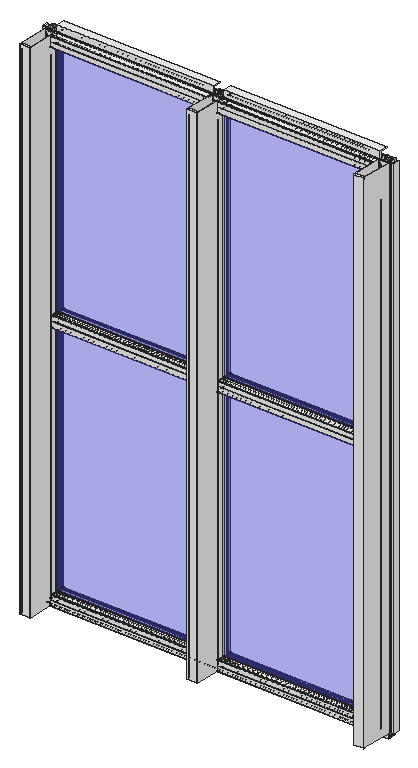
Revit family "Facade_60_Curtain_Wall_S22_Custom", category Windows, host Wall, Revit 2014
Parameters (values of type "F60-S22-Custom")
  Windload Design [instance] = if(Custom Windload < 1001 mm, 1000 mm, if(Custom Windload < 1501 mm, 1500 mm, 2000 mm))  # 1000 mm
  Width [instance] = if(Custom Curtain Wall Width < Limit Door Width Min, Limit Door Width Min, if(Custom Curtain Wall Width > Limit Door Width Max, Limit Door Width Max, Custom Curtain Wall Width))  # 2000 mm
  Wall Thickness [instance] = 200 mm
  Vertical Profile Length [instance] = Height - Frame Bottom Gap  # 2970 mm
  URL = "http://www.crealco.co.za/crealco-products.php"
  Type Comments = ""
  Top Profile Overhang = 5.9 mm  # constant formula
  Thermal Resistance (R) [instance] = if(IGDB or SAGDB Number = 100100, 1.0000 (m²·K)/W / Intruderprufe U Value, if(IGDB or SAGDB Number = 100100, 1.0000 (m²·K)/W / Intruderprufe U Value, if(IGDB or SAGDB Number = 105003, 1.0000 (m²·K)/W / Intruderprufe Insulated U Value, if(IGDB or SAGDB Number = 105004, 1.0000 (m²·K)/W / Intruderprufe Insulated LowE U Value, 1.0000 (m²·K)/W / 7.9)))) * 1  # 0.126582 (m²·K)/W
  Thermal Break Material = Plastic, Opaque Black
  Solar Heat Gain Coefficient [instance] = if(IGDB or SAGDB Number = 100100, Intruderprufe SHGC Value, if(IGDB or SAGDB Number = 103200, Intruderprufe LowE SHGC Value, if(IGDB or SAGDB Number = 105003, Intruderprufe Insulated SHGC Value, if(IGDB or SAGDB Number = 105004, Intruderprufe Insulated LowE SHGC Value, 0))))  # 0
  Single Glazing [instance] = if(DG Forced, 1 = 0, not(Double Glazing))  # no
  Sill Height = 85 mm  # constant formula
  SG Forced [instance] = not(DG Forced)  # no
  Quarter Expansion Break = no
  Overall Width [instance] = 2000 mm
  Overall Height [instance] = 3000 mm
  Mullion Side Gap [instance] = (Width / 2) - 30 mm  # 970 mm
  Mullion Configuration [instance] = if(Windload Design = 1000 mm, if(not(Height > 2490 mm), 1 mm, if(and(not(Height > 4990 mm), not(Width > 1790 mm)), 2 mm, 3 mm)), if(Windload Design = 1500 mm, if(Height > 2490 mm, 3 mm, if(Width > 2990 mm, 2 mm, 1 mm)), if(Height > 2490 mm, 3 mm, if(Width > 1790 mm, 2 mm, 1 mm))))  # 3 mm
  Model = "Facade 60"
  Mid Transom Bottom Gap [instance] = (Height - Frame Bottom Gap) / 2  # 1485 mm
  Max System DG Unit Thickness = 25 mm  # constant formula
  Max System DG One Piece Thickness [instance] = rounddown((Max System DG Unit Thickness - DG Gasket Thickness) / 2 mm) * 1 mm  # 6 mm
  Max Pane Area [instance] = Glazing Width * Glazing Height  # 1.3642 m²
  Manufacturer = "Crealco"
  Limit Door Width Min = (2 * Limit Panel Width Min) + (2 * Glazing Side Gap) + 19.6 mm  # 699.2 mm
  Limit Door Width Max = (2 * Limit Panel Width Max) + (2 * Glazing Side Gap) + 19.6 mm  # 6099.2 mm
  Limit Door Height Min = (2 * Limit Panel Height Min) + 69.8 mm + (1 mm * 19.6) + 39.8 mm  # 729.2 mm
  Limit Door Height Max = (2 * Limit Panel Height Max) + 69.8 mm + (1 mm * 19.6) + 39.8 mm  # 12129.2 mm
  Limit Panel Width Min = 300 mm  # constant formula
  Limit Panel Width Max = 3000 mm  # constant formula
  Limit Panel Height Min = 300 mm  # constant formula
  Limit Panel Height Max = 6000 mm  # constant formula
  Sill Length [instance] = Width  # 2000 mm
  Length Sill [instance] = Width  # 2000 mm
  Keynote = ""
  Jamb Width = 60 mm  # constant formula
  Intruderprufe U Value = 0
  Intruderprufe SHGC Value = 0
  Intruderprufe LowE U Value = 0
  Intruderprufe LowE SHGC Value = 0
  Intruderprufe Insulated U Value = 0
  Intruderprufe Insulated SHGC Value = 0
  Intruderprufe Insulated LowE U Value = 0
  Intruderprufe Insulated LowE SHGC Value = 0
  Horizontal Profile Length [instance] = (Width - (2 * Jamb Width) - 60 mm) / 2  # 910 mm
  Half Expansion Break = no
  Glazing Width [instance] = Horizontal Profile Length + (2 mm * 20.2)  # 950.4 mm
  Glazing Top Gap = 39.8 mm  # constant formula
  Glazing Side Gap = 39.8 mm  # constant formula
  Glazing Height [instance] = (Height - Glazing Top Gap - Glazing Bottom Gap - (60 mm - 20.2 mm - 20.2 mm)) / 2  # 1435.4 mm
  Glazing Gap SG [instance] = (14 mm - SG Thickness) / 2  # 5 mm
  Glazing Gap DG [instance] = (28 mm - (DG Thickness + DG Thickness + DG Gasket Thickness)) / 2  # 4 mm
  Glazing Bottom Gap = 69.8 mm  # constant formula
  Frame Thickness = 101.8 mm  # constant formula
  Frame Bottom Gap = 30 mm  # constant formula
  Door Leaf Height [instance] = 2050 mm
  Double Glazing [instance] = yes
  DG Thickness Calc [instance] = if(not(Max Pane Area > 1.125 m²), 4 mm, if(not(Max Pane Area > 2.25 m²), 4 mm, if(not(Max Pane Area > 3.15 m²), 5 mm, if(not(Max Pane Area > 4.35 m²), 6 mm, if(not(Max Pane Area > 6.45 m²), 8 mm, 10 mm)))))  # 4 mm
  DG Thickness [instance] = if(IGDB or SAGDB Number = 105003, 6 mm, if(IGDB or SAGDB Number = 105004, 7 mm, if(DG Thickness Calc > Max System DG One Piece Thickness, Max System DG One Piece Thickness, DG Thickness Calc)))  # 4 mm
  DG Gasket Thickness = 12 mm  # constant formula
  DG Gasket Finish [instance] = Double Glazing Gasket Material
  DG Forced [instance] = if(IGDB or SAGDB Number = 100100, 1 = 0, if(IGDB or SAGDB Number = 103200, 1 = 0, if(IGDB or SAGDB Number = 105003, 1 = 1, if(IGDB or SAGDB Number = 105004, 1 = 1, Double Glazing))))  # yes
  IGDB or SAGDB Number [instance] = 0
  Height [instance] = if(Custom Curtain Wall Height < Limit Door Height Min, Limit Door Height Min, if(Custom Curtain Wall Height > Limit Door Height Max, Limit Door Height Max, Custom Curtain Wall Height))  # 3000 mm
  Heat Transfer Coefficient (U) [instance] = if(IGDB or SAGDB Number = 100100, Intruderprufe U Value, if(IGDB or SAGDB Number = 103200, Intruderprufe LowE U Value, if(IGDB or SAGDB Number = 105003, Intruderprufe Insulated U Value, if(IGDB or SAGDB Number = 105004, Intruderprufe Insulated LowE U Value, 7.9)))) * 1.0000 W/(m²·K)  # 7.9000 W/(m²·K)
  SG Thickness [instance] = if(IGDB or SAGDB Number = 100100, 6 mm, if(IGDB or SAGDB Number = 103200, 7 mm, if(not(Max Pane Area > 0.75 m²), 4 mm, if(not(Max Pane Area > 1.50 m²), 4 mm, if(not(Max Pane Area > 2.10 m²), 5 mm, if(not(Max Pane Area > 2.90 m²), 6.4 mm, if(not(Max Pane Area > 4.30 m²), 8 mm, 10 mm)))))))  # 4 mm
  Glazing Material [instance] = if(IGDB or SAGDB Number = 100100, "PFG INTRUDERPRUFE 6.38mm", if(IGDB or SAGDB Number = 103200, "PFG INTRUDERPRUFE LOW-E 7.38mm", if(IGDB or SAGDB Number = 105003, "PFG 25mm INTRUDERPRUFE INSULATED GLASS", if(IGDB or SAGDB Number = 105004, "PFG 25mm INTRUDERPRUFE INSULATED GLASS LOW-E", "Unknown"))))  # "Unknown"
  Glazing Finish [instance] = Glass
  Glazing Code [instance] = if(IGDB or SAGDB Number = 100100, "LAM01", if(IGDB or SAGDB Number = 103200, "LAM01E", if(IGDB or SAGDB Number = 105003, "IGU25", if(IGDB or SAGDB Number = 105004, "IGU25E", "Unknown"))))  # "Unknown"
  Frame Offset From Exterior [instance] = if(Centered In Wall, (Wall Thickness - Frame Thickness) / 2, Custom Offset From Exterior) + 5.9 mm  # 55 mm
  Description = "Curtain Wall, S22"
  Default Sill Height = 0 mm
  Wall Closure = By host
  Custom Curtain Wall Width [instance] = 2000 mm
  Custom Curtain Wall Height [instance] = 3000 mm
  Custom Windload [instance] = 1000 mm
  Custom Offset From Exterior [instance] = 0 mm
  Centered In Wall [instance] = yes
  Aluminium Finish [instance] = White Powder Coated Aluminium ANP 1052
  All Available Glazing Numbers [instance] = "The rows below list the available glazing materials for this window:"  # constant formula
  190mm Mullion [instance] = if(Mullion Configuration = 3 mm, 1 = 1, 1 = 0)  # yes
  160mm Mullion [instance] = if(Mullion Configuration = 2 mm, 1 = 1, 1 = 0)  # no
  105004 [instance] = "IGU25E"  # constant formula
  105003 [instance] = "IGU25"  # constant formula
  103200 [instance] = "LAM01E"  # constant formula
  100mm Mullion [instance] = if(or(Mullion Configuration = 2 mm, Mullion Configuration = 3 mm), 1 = 0, 1 = 1)  # no
  100100 [instance] = "LAM01"  # constant formula
Reference planes
  plane 1 "Center (Front/Back)": y = 0
  plane 2 "Center (Left/Right)": x = 0
  plane 3 "Left": x = -1000
  plane 4 "Right": x = 1000
  plane 5 "Sill": z = 0
  plane 6 "Head": z = 3000
  plane 7 "Exterior": y = 100
  plane 8 "Interior": y = -100
Lines and regions (mm)
  Opening 1
    outline origin (3507.082, -100, 0) x (1, 0, 0) y (0, 0, 1)
      loop
        line (-2507.082, 0) -> (-2507.082, 3000) -> (-4507.082, 3000) -> (-4507.082, 0) -> (-2507.082, 0)
Text (mm)
  text "EXTERIOR" at (-1963.203, 1332.353, 0), in view "Ref. Level"
  text "INTERIOR" at (-1981.466, -818.386, 0), in view "Ref. Level"
  text "Exterior" at (0, 923.751, 2943.296), in view "Right"
  text "Exterior" at (0, 1040.484, 2685.409), in view "Left"
Dimensions and locks
  equal spacing: plane 3 "Left", plane 2 "Center (Left/Right)", plane 4 "Right"
  "Width": plane 3 "Left" to plane 4 "Right"
  "Height": plane 5 "Sill" to plane 6 "Head"
  "Default Sill Height": plane 5 "Sill" to level
  locked: plane 7 "Exterior" to host wall at 0
  locked: plane 8 "Interior" to host wall
  "Overall Height": plane 6 "Head" to plane 5 "Sill"
  "Overall Width": plane 3 "Left" to plane 4 "Right"
  "Wall Thickness": host wall to host wall
  "Jamb Width": nested 3 to plane 4 "Right"
  "Jamb Width": nested 5 to plane 4 "Right"
  "Frame Bottom Gap": nested 5 to level
  "Frame Offset From Exterior": nested 1 to plane 7 "Exterior"
  "Glazing Side Gap": nested 6 to plane 4 "Right"
  "Glazing Top Gap": nested 6 to plane 6 "Head"
  "Glazing Gap SG": nested 6 to nested 1
  "Glazing Side Gap": nested 7 to plane 4 "Right"
  "Glazing Top Gap": nested 7 to plane 6 "Head"
  "Glazing Gap DG": nested 7 to nested 1
  "Mullion Side Gap": nested 8 to plane 4 "Right"
  "Frame Bottom Gap": nested 8 to level
  "Jamb Width": plane 3 "Left" to nested 10
  "Jamb Width": plane 3 "Left" to nested 9
  "Glazing Side Gap": plane 3 "Left" to nested 11
  "Glazing Side Gap": plane 3 "Left" to nested 12
  "Glazing Gap SG": nested 2 to nested 12
  "Glazing Gap DG": nested 2 to nested 11
  "Glazing Bottom Gap": nested 11 to level
  "Glazing Bottom Gap": nested 12 to level
  "Frame Bottom Gap": nested 9 to level
  "Mid Transom Bottom Gap": nested 13 to level
  "Mid Transom Bottom Gap": nested 14 to level
  "Jamb Width": plane 3 "Left" to nested 13
  "Jamb Width": nested 14 to plane 4 "Right"
  "Glazing Bottom Gap": nested 15 to level
  "Glazing Bottom Gap": nested 16 to level
  "Glazing Top Gap": nested 17 to plane 6 "Head"
  "Glazing Top Gap": nested 18 to plane 6 "Head"
  "Glazing Side Gap": plane 3 "Left" to nested 18
  "Glazing Side Gap": plane 3 "Left" to nested 17
  "Glazing Side Gap": nested 15 to plane 4 "Right"
  "Glazing Side Gap": nested 16 to plane 4 "Right"
  "Glazing Gap SG": nested 16 to nested 1
  "Glazing Gap DG": nested 15 to nested 1
  "Glazing Gap SG": nested 2 to nested 18
  "Glazing Gap DG": nested 2 to nested 17
  aligned and locked: plane 4 "Right" to nested 1
  aligned and locked: nested 1 to plane 6 "Head"
  aligned and locked: plane 3 "Left" to nested 2
  aligned and locked: plane 6 "Head" to nested 2
  aligned and locked: nested 3 to plane 6 "Head"
  aligned and locked: nested 4 to level
  aligned and locked: plane 4 "Right" to nested 4
  aligned and locked: nested 1 to nested 2
  aligned and locked: nested 5 to nested 4
  aligned and locked: nested 8 to nested 2
  aligned and locked: nested 10 to plane 6 "Head"
  aligned and locked: nested 5 to nested 10
  aligned and locked: nested 5 to nested 9
  aligned and locked: nested 10 to nested 3
  aligned and locked: nested 10 to nested 2
  aligned and locked: nested 13 to nested 10
  aligned and locked: nested 14 to nested 3
Automatic sketch dimensions
  plane 3 "Left" to Opening 1 sketch curve = 0 mm
  plane 4 "Right" to Opening 1 sketch curve = 0 mm
  Opening 1 sketch curve to plane 5 "Sill" = 0 mm
  Opening 1 sketch curve to plane 6 "Head" = 0 mm
Nested families
  nested 1: "F60 Vertical Profile Side_S22_Cust" at (1000, -1.058, 30) x (-1, 0, 0) z (0, 0, 1), Thermal Break Material <- "Thermal Break Material", Profile Material <- "Aluminium Finish", Length <- "Vertical Profile Length", Single Glazing <- "SG Forced", Double Glazing <- "DG Forced", 100mm Mullion <- "100mm Mullion", 160mm Mullion <- "160mm Mullion", 190mm Mullion <- "190mm Mullion", Quarter Expansion Break <- "Quarter Expansion Break", Half Expansion Break <- "Half Expansion Break", type "F60 Vertical Profile Side_S22_Cust"
    with Thermal Break Material Plastic, Opaque Black, Single Glazing no, Quarter SG Expansion Break no, Quarter Length 742.5 mm, Quarter Expansion Break no, Quarter DG Expansion Break no, Quarter 190mm Expansion Break no, Quarter 160mm Expansion Break no, Quarter 100mm Expansion Break no, Profile Material White Powder Coated Aluminium ANP 1052, Length 2970 mm, Half SG Expansion Break no, Half Length 1485 mm, Half Expansion Break no, Half DG Expansion Break no, Half 190mm Expansion Joint no, Half 160mm Expansion Break no, Half 100mm Expansion Break no, Double Glazing yes, 190mm Mullion yes, 160mm Mullion no, 100mm Mullion no
  nested 2: "F60 Vertical Profile Side_S22_Cust" at (-1000, -1.058, 30), Thermal Break Material <- "Thermal Break Material", Profile Material <- "Aluminium Finish", Length <- "Vertical Profile Length", Single Glazing <- "SG Forced", Double Glazing <- "DG Forced", 100mm Mullion <- "100mm Mullion", 160mm Mullion <- "160mm Mullion", 190mm Mullion <- "190mm Mullion", Quarter Expansion Break <- "Quarter Expansion Break", Half Expansion Break <- "Half Expansion Break", type "F60 Vertical Profile Side_S22_Cust"
    with Thermal Break Material Plastic, Opaque Black, Single Glazing no, Quarter SG Expansion Break no, Quarter Length 742.5 mm, Quarter Expansion Break no, Quarter DG Expansion Break no, Quarter 190mm Expansion Break no, Quarter 160mm Expansion Break no, Quarter 100mm Expansion Break no, Profile Material White Powder Coated Aluminium ANP 1052, Length 2970 mm, Half SG Expansion Break no, Half Length 1485 mm, Half Expansion Break no, Half DG Expansion Break no, Half 190mm Expansion Joint no, Half 160mm Expansion Break no, Half 100mm Expansion Break no, Double Glazing yes, 190mm Mullion yes, 160mm Mullion no, 100mm Mullion no
  nested 3: "F60 Horizontal Profile Top_S22_Cust" at (940, -50.858, 2940) x (-1, 0, 0) z (0, 0, 1), Thermal Break Material <- "Thermal Break Material", Profile Material <- "Aluminium Finish", Length <- "Horizontal Profile Length", Single Glazing <- "SG Forced", Double Glazing <- "DG Forced", type "F60 Horizontal Profile Top_S22_Cust"
    with Thermal Break Material Plastic, Opaque Black, Single Glazing no, Profile Material White Powder Coated Aluminium ANP 1052, Length 910 mm, Double Glazing yes
  nested 4: "F60 Sill_S22_Cust" at (1000, -13.486, -1.88) x (-1, 0, 0) z (0, 0, 1), Profile Material <- "Aluminium Finish", Length Sill <- "Length Sill", type "F60 Sill_S22_Cust"
    with Profile Material White Powder Coated Aluminium ANP 1052, Length Sill 2000 mm
  nested 5: "F60 Horizontal Profile Bottom_S22_Cust" at (940, -50.858, 30) x (-1, 0, 0) z (0, 0, 1), Thermal Break Material <- "Thermal Break Material", Profile Material <- "Aluminium Finish", Length <- "Horizontal Profile Length", Single Glazing <- "SG Forced", Double Glazing <- "DG Forced", type "F60 Horizontal Profile Bottom_S22_Cust"
    with Thermal Break Material Plastic, Opaque Black, Single Glazing no, Profile Material White Powder Coated Aluminium ANP 1052, Length 910 mm, Double Glazing yes
  nested 6: "F60_Single_Glazing_S22_Cust" at (960.2, 7.942, 1524.8), Glazing Width <- "Glazing Width", Glazing Height <- "Glazing Height", SG Thickness <- "SG Thickness", Glazing Finish <- "Glazing Finish", visible <- "SG Forced", type "F60_Single_Glazing_S22_Cust"
    with SG Thickness 4 mm, Glazing Width 950.4 mm, Glazing Height 1435.4 mm, Glazing Finish Glass
  nested 7: "F60_Double_Glazing_S22_Cust" at (960.2, 22.942, 1524.8), Glazing Material <- "Glazing Finish", Double Glazing Gasket Material <- "DG Gasket Finish", Glazing Width <- "Glazing Width", Glazing Height <- "Glazing Height", Glazing Thickness DG <- "DG Thickness", Double Glazing Gasket Thickness <- "DG Gasket Thickness", visible <- "DG Forced", type "F60_Double_Glazing_S22_Cust"
    with Glazing Width 950.4 mm, Glazing Thickness DG 4 mm, Glazing Material Glass, Glazing Height 1435.4 mm, Double Glazing Gasket Thickness 12 mm, Double Glazing Gasket Material Double Glazing Gasket Material
  nested 8: "F60 Vertical Profile Middle_S22_Cust" at (30, -1.058, 30) x (-1, 0, 0) z (0, 0, 1), Thermal Break Material <- "Thermal Break Material", Profile Material <- "Aluminium Finish", Single Glazing <- "SG Forced", Double Glazing <- "DG Forced", 190mm Mullion <- "190mm Mullion", 160mm Mullion <- "160mm Mullion", 100mm Mullion <- "100mm Mullion", Length <- "Vertical Profile Length", Quarter Expansion Break <- "Quarter Expansion Break", Half Expansion Break <- "Half Expansion Break", type "F60 Vertical Profile Middle_S22_Cust"
    with Thermal Break Material Plastic, Opaque Black, Single Glazing no, Quarter SG Expansion Break no, Quarter Length 742.5 mm, Quarter Expansion Break no, Quarter DG Expansion Break no, Quarter 190mm Expansion Break no, Quarter 160mm Expansion Break no, Quarter 100mm Expansion Break no, Profile Material White Powder Coated Aluminium ANP 1052, Length 2970 mm, Half SG Expansion Break no, Half Length 1485 mm, Half Expansion Break no, Half DG Expansion Break no, Half 190mm Expansion Joint no, Half 160mm Expansion Break no, Half 100mm Expansion Break no, Double Glazing yes, 190mm Mullion yes, 160mm Mullion no, 100mm Mullion no
  nested 9: "F60 Horizontal Profile Bottom_S22_Cust" at (-30, -50.858, 30) x (-1, 0, 0) z (0, 0, 1), Thermal Break Material <- "Thermal Break Material", Profile Material <- "Aluminium Finish", Length <- "Horizontal Profile Length", Single Glazing <- "SG Forced", Double Glazing <- "DG Forced", type "F60 Horizontal Profile Bottom_S22_Cust"
    with Thermal Break Material Plastic, Opaque Black, Single Glazing no, Profile Material White Powder Coated Aluminium ANP 1052, Length 910 mm, Double Glazing yes
  nested 10: "F60 Horizontal Profile Top_S22_Cust" at (-30, -50.858, 2940) x (-1, 0, 0) z (0, 0, 1), Thermal Break Material <- "Thermal Break Material", Profile Material <- "Aluminium Finish", Length <- "Horizontal Profile Length", Single Glazing <- "SG Forced", Double Glazing <- "DG Forced", type "F60 Horizontal Profile Top_S22_Cust"
    with Thermal Break Material Plastic, Opaque Black, Single Glazing no, Profile Material White Powder Coated Aluminium ANP 1052, Length 910 mm, Double Glazing yes
  nested 11: "F60_Double_Glazing_S22_Cust" at (-9.8, 22.942, 69.8), Glazing Material <- "Glazing Finish", Double Glazing Gasket Material <- "DG Gasket Finish", Glazing Width <- "Glazing Width", Glazing Height <- "Glazing Height", Glazing Thickness DG <- "DG Thickness", Double Glazing Gasket Thickness <- "DG Gasket Thickness", visible <- "DG Forced", type "F60_Double_Glazing_S22_Cust"
    with Glazing Width 950.4 mm, Glazing Thickness DG 4 mm, Glazing Material Glass, Glazing Height 1435.4 mm, Double Glazing Gasket Thickness 12 mm, Double Glazing Gasket Material Double Glazing Gasket Material
  nested 12: "F60_Single_Glazing_S22_Cust" at (-9.8, 7.942, 69.8), Glazing Width <- "Glazing Width", Glazing Height <- "Glazing Height", SG Thickness <- "SG Thickness", Glazing Finish <- "Glazing Finish", visible <- "SG Forced", type "F60_Single_Glazing_S22_Cust"
    with SG Thickness 4 mm, Glazing Width 950.4 mm, Glazing Height 1435.4 mm, Glazing Finish Glass
  nested 13: "F60 Horizontal Profile Middle_S22_Cust" at (-30, -50.858, 1485) x (-1, 0, 0) z (0, 0, 1), Thermal Break Material <- "Thermal Break Material", Profile Material <- "Aluminium Finish", Length <- "Horizontal Profile Length", Single Glazing <- "SG Forced", Double Glazing <- "DG Forced", type "F60 Horizontal Profile Middle_S22_Cust"
    with Thermal Break Material Plastic, Opaque Black, Single Glazing no, Profile Material White Powder Coated Aluminium ANP 1052, Length 910 mm, Double Glazing yes
  nested 14: "F60 Horizontal Profile Middle_S22_Cust" at (940, -50.858, 1485) x (-1, 0, 0) z (0, 0, 1), Thermal Break Material <- "Thermal Break Material", Profile Material <- "Aluminium Finish", Length <- "Horizontal Profile Length", Single Glazing <- "SG Forced", Double Glazing <- "DG Forced", type "F60 Horizontal Profile Middle_S22_Cust"
    with Thermal Break Material Plastic, Opaque Black, Single Glazing no, Profile Material White Powder Coated Aluminium ANP 1052, Length 910 mm, Double Glazing yes
  nested 15: "F60_Double_Glazing_S22_Cust" at (960.2, 22.942, 69.8), Glazing Material <- "Glazing Finish", Double Glazing Gasket Material <- "DG Gasket Finish", Glazing Width <- "Glazing Width", Glazing Height <- "Glazing Height", Glazing Thickness DG <- "DG Thickness", Double Glazing Gasket Thickness <- "DG Gasket Thickness", visible <- "DG Forced", type "F60_Double_Glazing_S22_Cust"
    with Glazing Width 950.4 mm, Glazing Thickness DG 4 mm, Glazing Material Glass, Glazing Height 1435.4 mm, Double Glazing Gasket Thickness 12 mm, Double Glazing Gasket Material Double Glazing Gasket Material
  nested 16: "F60_Single_Glazing_S22_Cust" at (960.2, 7.942, 69.8), Glazing Width <- "Glazing Width", Glazing Height <- "Glazing Height", SG Thickness <- "SG Thickness", Glazing Finish <- "Glazing Finish", visible <- "SG Forced", type "F60_Single_Glazing_S22_Cust"
    with SG Thickness 4 mm, Glazing Width 950.4 mm, Glazing Height 1435.4 mm, Glazing Finish Glass
  nested 17: "F60_Double_Glazing_S22_Cust" at (-9.8, 22.942, 1524.8), Glazing Material <- "Glazing Finish", Double Glazing Gasket Material <- "DG Gasket Finish", Glazing Width <- "Glazing Width", Glazing Height <- "Glazing Height", Glazing Thickness DG <- "DG Thickness", Double Glazing Gasket Thickness <- "DG Gasket Thickness", visible <- "DG Forced", type "F60_Double_Glazing_S22_Cust"
    with Glazing Width 950.4 mm, Glazing Thickness DG 4 mm, Glazing Material Glass, Glazing Height 1435.4 mm, Double Glazing Gasket Thickness 12 mm, Double Glazing Gasket Material Double Glazing Gasket Material
  nested 18: "F60_Single_Glazing_S22_Cust" at (-9.8, 7.942, 1524.8), Glazing Width <- "Glazing Width", Glazing Height <- "Glazing Height", SG Thickness <- "SG Thickness", Glazing Finish <- "Glazing Finish", visible <- "SG Forced", type "F60_Single_Glazing_S22_Cust"
    with SG Thickness 4 mm, Glazing Width 950.4 mm, Glazing Height 1435.4 mm, Glazing Finish Glass
Definition of nested family "F60 Vertical Profile Side_S22_Cust"
  Parameters (values of type "F60 Vertical Profile Side")
    Quarter SG Expansion Break [instance] = if(and(Quarter Expansion Break, Single Glazing), 1 = 1, 1 = 0)  # yes
    Quarter Length [instance] = Length / 4  # 62.5 mm
    Thermal Break Material [instance] = none
    Single Glazing [instance] = yes
    Quarter Expansion Break [instance] = yes
    Quarter DG Expansion Break [instance] = if(and(Quarter Expansion Break, Double Glazing), 1 = 1, 1 = 0)  # yes
    Quarter 190mm Expansion Break [instance] = if(and(Quarter Expansion Break, [190mm Mullion]), 1 = 1, 1 = 0)  # yes
    Quarter 160mm Expansion Break [instance] = if(and(Quarter Expansion Break, [160mm Mullion]), 1 = 1, 1 = 0)  # yes
    Quarter 100mm Expansion Break [instance] = if(and(Quarter Expansion Break, [100mm Mullion]), 1 = 1, 1 = 0)  # yes
    Profile Material [instance] = none
    Length [instance] = 250 mm
    Half SG Expansion Break [instance] = if(and(Half Expansion Break, Single Glazing), 1 = 1, 1 = 0)  # yes
    Half Length [instance] = Length / 2  # 125 mm
    Half Expansion Break [instance] = yes
    Half DG Expansion Break [instance] = if(and(Half Expansion Break, Double Glazing), 1 = 1, 1 = 0)  # yes
    Half 190mm Expansion Joint [instance] = if(and(Half Expansion Break, [190mm Mullion]), 1 = 1, 1 = 0)  # yes
    Half 160mm Expansion Break [instance] = if(and(Half Expansion Break, [160mm Mullion]), 1 = 1, 1 = 0)  # yes
    Half 100mm Expansion Break [instance] = if(and(Half Expansion Break, [100mm Mullion]), 1 = 1, 1 = 0)  # yes
    Double Glazing [instance] = yes
    190mm Mullion [instance] = yes
    160mm Mullion [instance] = yes
    100mm Mullion [instance] = yes
  Reference planes
    plane 1 "Center (Front/Back)": y = 0
    plane 2: z = 0
    plane 3 "Center (Left/Right)": x = 0
  Forms (mm)
    Extrusion 1, solid, material <- "Profile Material"
      sketch origin (0, 0, 0) x (1, 0, 0) y (0, 1, 0)
        loop
          arc (25.249, -8.7) -> (25.484, -9.266) -> (26.049, -9.5) r 0.8
          line (26.049, -9.5) -> (27.1, -9.5) -> (27.1, 7) -> (32.902, 7) -> (32.902, -9.5) -> (33.951, -9.5)
          arc (33.951, -9.5) -> (34.516, -9.266) -> (34.751, -8.7) r 0.8
          line (34.751, -8.7) -> (34.751, 6.2)
          arc (34.751, 6.2) -> (34.985, 6.766) -> (35.551, 7) r 0.8
          line (35.551, 7) -> (52.1, 7) -> (52.1, 5.4) -> (50.55, 5.4) -> (50.55, 4.55)
          arc (50.55, 4.55) -> (50.726, 4.126) -> (51.15, 3.95) r 0.6
          line (51.15, 3.95) -> (52.1, 3.95) -> (52.1, 1)
          arc (52.1, 1) -> (51.6, 0.5) -> (52.1, 0) r 0.5
          line (52.1, 0) -> (54.45, 0) -> (54.45, 1.15) -> (53.3, 1.15) -> (53.3, 2.45) -> (58.8, 2.45) -> (58.8, 1.15) -> (57.65, 1.15) -> (57.65, 0) -> (59.5, 0)
          arc (59.5, 0) -> (59.854, 0.146) -> (60, 0.5) r 0.5
          line (60, 0.5) -> (60, 3.9) -> (53.55, 3.9) -> (53.55, 7.6)
          arc (53.55, 7.6) -> (53.316, 8.166) -> (52.75, 8.4) r 0.8
          line (52.75, 8.4) -> (30, 8.4) -> (7.25, 8.4)
          arc (7.25, 8.4) -> (6.684, 8.166) -> (6.45, 7.6) r 0.8
          line (6.45, 7.6) -> (6.45, 3.9) -> (0, 3.9) -> (0, 0.5)
          arc (0, 0.5) -> (0.146, 0.146) -> (0.5, 0) r 0.5
          line (0.5, 0) -> (2.35, 0) -> (2.35, 1.15) -> (1.2, 1.15) -> (1.2, 2.45) -> (6.7, 2.45) -> (6.7, 1.15) -> (5.55, 1.15) -> (5.55, 0) -> (7.9, 0)
          arc (7.9, 0) -> (8.4, 0.5) -> (7.9, 1) r 0.5
          line (7.9, 1) -> (7.9, 3.95) -> (8.85, 3.95)
          arc (8.85, 3.95) -> (9.274, 4.126) -> (9.45, 4.55) r 0.6
          line (9.45, 4.55) -> (9.45, 5.4) -> (7.9, 5.4) -> (7.9, 7) -> (24.449, 7)
          arc (24.449, 7) -> (25.015, 6.766) -> (25.249, 6.2) r 0.8
          line (25.249, 6.2) -> (25.249, -8.7)
      from 0 to 250 <- "Length"
    Extrusion 2, solid, material <- "Thermal Break Material"
      sketch origin (0, 0, 0) x (1, 0, 0) y (0, 1, 0)
        loop
          line (1.75, 9.8) -> (1.75, 5.2) -> (0, 5.2) -> (0, 3.9) -> (6.35, 3.9) -> (6.35, 7.856)
          arc (6.35, 7.856) -> (6.526, 8.281) -> (6.95, 8.456) r 0.6
          line (6.95, 8.456) -> (30, 8.456) -> (53.05, 8.456)
          arc (53.05, 8.456) -> (53.474, 8.281) -> (53.65, 7.856) r 0.6
          line (53.65, 7.856) -> (53.65, 3.9) -> (60, 3.9) -> (60, 5.2) -> (58.25, 5.2) -> (58.25, 9.8) -> (30, 9.8) -> (1.75, 9.8)
      from 0 to 250 <- "Length"
    Extrusion 3, solid, material <- "Thermal Break Material", visible <- "Single Glazing"
      sketch origin (0, 0, 0) x (1, 0, 0) y (0, 1, 0)
        loop
          line (25.749, -14.011) -> (27.672, -14.011) -> (28.481, -12.611) -> (31.518, -12.611) -> (32.327, -14.011) -> (34.249, -14.011)
          arc (34.249, -14.011) -> (34.603, -13.864) -> (34.749, -13.511) r 0.5
          line (34.749, -13.511) -> (34.749, -10.011)
          arc (34.749, -10.011) -> (34.603, -9.657) -> (34.249, -9.511) r 0.5
          line (34.249, -9.511) -> (32.352, -9.511) -> (32.352, 0.19) -> (31.349, 2.261)
          arc (31.349, 2.261) -> (29.999, 2.986) -> (28.649, 2.261) r 1.62
          line (28.649, 2.261) -> (27.647, 0.19) -> (27.647, -9.511) -> (25.749, -9.511)
          arc (25.749, -9.511) -> (25.396, -9.657) -> (25.249, -10.011) r 0.5
          line (25.249, -10.011) -> (25.249, -13.511)
          arc (25.249, -13.511) -> (25.396, -13.864) -> (25.749, -14.011) r 0.5
        loop
          line (28.504, -10.005) -> (28.504, -10.861)
          arc (28.504, -10.861) -> (28.651, -11.214) -> (29.004, -11.361) r 0.5
          line (29.004, -11.361) -> (30.994, -11.361)
          arc (30.994, -11.361) -> (31.348, -11.214) -> (31.494, -10.861) r 0.5
          line (31.494, -10.861) -> (31.494, -10.005) -> (30.708, -9.219)
          arc (30.708, -9.219) -> (30.383, -9.001) -> (29.999, -8.924) r 1.007
          arc (29.999, -8.924) -> (29.616, -8.999) -> (29.292, -9.217) r 0.986
          line (29.292, -9.217) -> (28.504, -10.005)
        loop
          arc (30.896, 1.935) -> (29.887, 2.44) -> (29.005, 1.735) r 1.047
          line (29.005, 1.735) -> (28.347, 0.374) -> (28.347, -6.993)
          arc (28.347, -6.993) -> (28.583, -7.417) -> (29.068, -7.441) r 0.5
          arc (29.068, -7.441) -> (29.999, -7.223) -> (30.93, -7.441) r 2.099
          arc (30.93, -7.441) -> (31.416, -7.417) -> (31.652, -6.993) r 0.5
          line (31.652, -6.993) -> (31.652, 0.374) -> (30.896, 1.935)
      from 0 to 250 <- "Length"
    Extrusion 4, solid, material <- "Profile Material", visible <- "Single Glazing"
      sketch origin (0, 0, 0) x (1, 0, 0) y (0, 1, 0)
        loop
          line (52.693, -14.011) -> (32.327, -14.011) -> (31.519, -12.611) -> (28.481, -12.611) -> (27.673, -14.011) -> (7.307, -14.011) -> (7.307, -15.011) -> (8.457, -15.011) -> (8.457, -16.261) -> (2.957, -16.261) -> (2.957, -15.011) -> (4.107, -15.011) -> (4.107, -14.011) -> (1.707, -14.011)
          arc (1.707, -14.011) -> (1.199, -14.293) -> (1.168, -14.873) r 0.6
          line (1.168, -14.873) -> (2.093, -16.772) -> (1.015, -17.298) -> (1.484, -18.261) -> (11.488, -18.261)
          arc (11.488, -18.261) -> (11.913, -18.085) -> (12.088, -17.661) r 0.6
          line (12.088, -17.661) -> (12.088, -16.811) -> (47.912, -16.811) -> (47.912, -17.661)
          arc (47.912, -17.661) -> (48.088, -18.085) -> (48.512, -18.261) r 0.6
          line (48.512, -18.261) -> (58.518, -18.261) -> (58.987, -17.298) -> (57.908, -16.772) -> (58.834, -14.874)
          arc (58.834, -14.874) -> (58.802, -14.293) -> (58.293, -14.011) r 0.6
          line (58.293, -14.011) -> (55.893, -14.011) -> (55.893, -15.011) -> (57.043, -15.011) -> (57.043, -16.261) -> (51.543, -16.261) -> (51.543, -15.011) -> (52.693, -15.011) -> (52.693, -14.011)
      from 0 to 250 <- "Length"
    Extrusion 5, solid, material <- "Profile Material", visible <- "Single Glazing"
      sketch origin (0, 0, 0) x (1, 0, 0) y (0, 1, 0)
        loop
          line (2.801, -18.261) -> (1.484, -18.261) -> (1.015, -17.298) -> (2.093, -16.772) -> (0.779, -14.076)
          arc (0.779, -14.076) -> (0.239, -14.21) -> (0.001, -14.713) r 0.65
          line (0.001, -14.713) -> (0.001, -28.068)
          arc (0.001, -28.068) -> (1.172, -30.897) -> (4.001, -32.068) r 4
          line (4.001, -32.068) -> (30.001, -32.068) -> (56.001, -32.068)
          arc (56.001, -32.068) -> (58.829, -30.897) -> (60.001, -28.068) r 4
          line (60.001, -28.068) -> (60.001, -14.713)
          arc (60.001, -14.713) -> (59.763, -14.21) -> (59.223, -14.076) r 0.65
          line (59.223, -14.076) -> (57.908, -16.772) -> (58.987, -17.298) -> (58.518, -18.261) -> (57.201, -18.261)
          arc (57.201, -18.261) -> (56.83, -18.425) -> (56.703, -18.811) r 0.5
          arc (56.703, -18.811) -> (56.83, -19.196) -> (57.201, -19.361) r 0.5
          line (57.201, -19.361) -> (58.951, -19.361) -> (58.951, -27.968)
          arc (58.951, -27.968) -> (58.131, -29.948) -> (56.151, -30.768) r 2.8
          line (56.151, -30.768) -> (30.001, -30.768) -> (3.851, -30.768)
          arc (3.851, -30.768) -> (1.871, -29.948) -> (1.051, -27.968) r 2.8
          line (1.051, -27.968) -> (1.051, -19.361) -> (2.801, -19.361)
          arc (2.801, -19.361) -> (3.172, -19.196) -> (3.298, -18.811) r 0.5
          arc (3.298, -18.811) -> (3.172, -18.425) -> (2.801, -18.261) r 0.5
      from 0 to 250 <- "Length"
    Extrusion 6, solid, material <- "Profile Material", visible <- "100mm Mullion"
      sketch origin (0, 0, 0) x (1, 0, 0) y (0, 1, 0)
        loop
          line (14.02, 13) -> (45.98, 13)
          arc (45.98, 13) -> (46.539, 12.842) -> (46.917, 12.4) r 1
          arc (46.917, 12.4) -> (47.285, 11.963) -> (47.833, 11.8) r 1
          line (47.833, 11.8) -> (58.15, 11.8) -> (58.15, 96.3) -> (47.833, 96.3)
          arc (47.833, 96.3) -> (47.285, 96.137) -> (46.917, 95.7) r 1
          arc (46.917, 95.7) -> (46.548, 95.263) -> (46, 95.1) r 1
          line (46, 95.1) -> (14, 95.1)
          arc (14, 95.1) -> (13.452, 95.263) -> (13.083, 95.7) r 1
          arc (13.083, 95.7) -> (12.715, 96.137) -> (12.167, 96.3) r 1
          line (12.167, 96.3) -> (1.85, 96.3) -> (1.85, 11.8) -> (12.167, 11.8)
          arc (12.167, 11.8) -> (12.715, 11.963) -> (13.083, 12.4) r 1
          arc (13.083, 12.4) -> (13.461, 12.842) -> (14.02, 13) r 1
        loop
          line (1.65, 9.856) -> (58.35, 9.856) -> (58.35, 5.2) -> (60, 5.2) -> (60, 98.8)
          arc (60, 98.8) -> (59.707, 99.507) -> (59, 99.8) r 1
          line (59, 99.8) -> (1, 99.8)
          arc (1, 99.8) -> (0.293, 99.507) -> (0, 98.8) r 1
          line (0, 98.8) -> (0, 5.2) -> (1.65, 5.2) -> (1.65, 9.856)
      from 0 to 250 <- "Length"
    Extrusion 7, solid, material <- "Profile Material", visible <- "160mm Mullion"
      sketch origin (0, 0, 0) x (1, 0, 0) y (0, 1, 0)
        loop
          arc (2.35, 15.6) -> (2.526, 15.176) -> (2.95, 15) r 0.6
          line (2.95, 15) -> (57.05, 15)
          arc (57.05, 15) -> (57.474, 15.176) -> (57.65, 15.6) r 0.6
          line (57.65, 15.6) -> (57.65, 153.7)
          arc (57.65, 153.7) -> (57.474, 154.124) -> (57.05, 154.3) r 0.6
          line (57.05, 154.3) -> (47.833, 154.3)
          arc (47.833, 154.3) -> (47.285, 154.137) -> (46.917, 153.7) r 1
          arc (46.917, 153.7) -> (46.548, 153.263) -> (46, 153.1) r 1
          line (46, 153.1) -> (14, 153.1)
          arc (14, 153.1) -> (13.452, 153.263) -> (13.083, 153.7) r 1
          arc (13.083, 153.7) -> (12.715, 154.137) -> (12.167, 154.3) r 1
          line (12.167, 154.3) -> (2.95, 154.3)
          arc (2.95, 154.3) -> (2.526, 154.124) -> (2.35, 153.7) r 0.6
          line (2.35, 153.7) -> (2.35, 15.6)
        loop
          arc (1, 159.8) -> (0.293, 159.507) -> (0, 158.8) r 1
          line (0, 158.8) -> (0, 5.2) -> (1.65, 5.2) -> (1.65, 10.013) -> (58.35, 10.013) -> (58.35, 5.2) -> (60, 5.2) -> (60, 158.8)
          arc (60, 158.8) -> (59.707, 159.507) -> (59, 159.8) r 1
          line (59, 159.8) -> (1, 159.8)
      from 0 to 250 <- "Length"
    Extrusion 8, solid, material <- "Profile Material", visible <- "190mm Mullion"
      sketch origin (0, 0, 0) x (1, 0, 0) y (0, 1, 0)
        loop
          line (57.25, 15.1) -> (57.25, 178.3)
          arc (57.25, 178.3) -> (56.957, 179.007) -> (56.25, 179.3) r 1
          line (56.25, 179.3) -> (3.75, 179.3)
          arc (3.75, 179.3) -> (3.043, 179.007) -> (2.75, 178.3) r 1
          line (2.75, 178.3) -> (2.75, 15.1)
          arc (2.75, 15.1) -> (2.984, 14.534) -> (3.55, 14.3) r 0.8
          line (3.55, 14.3) -> (56.45, 14.3)
          arc (56.45, 14.3) -> (57.016, 14.534) -> (57.25, 15.1) r 0.8
        loop
          line (60, 5.2) -> (60, 188.8)
          arc (60, 188.8) -> (59.707, 189.507) -> (59, 189.8) r 1
          line (59, 189.8) -> (1, 189.8)
          arc (1, 189.8) -> (0.293, 189.507) -> (0, 188.8) r 1
          line (0, 188.8) -> (0, 5.2) -> (1.65, 5.2) -> (1.65, 9.856) -> (58.35, 9.856) -> (58.35, 5.2) -> (60, 5.2)
      from 0 to 250 <- "Length"
    Extrusion 9, solid, material <- "Thermal Break Material", visible <- "Double Glazing"
      sketch origin (0, 0, 0) x (1, 0, 0) y (0, 1, 0)
        loop
          line (27.672, -28) -> (28.48, -26.6) -> (31.518, -26.6) -> (32.326, -28) -> (34.249, -28)
          arc (34.249, -28) -> (34.603, -27.854) -> (34.749, -27.5) r 0.5
          line (34.749, -27.5) -> (34.749, -10)
          arc (34.749, -10) -> (34.603, -9.646) -> (34.249, -9.5) r 0.5
          line (34.249, -9.5) -> (32.352, -9.5) -> (32.352, 0.198) -> (31.348, 2.272)
          arc (31.348, 2.272) -> (29.998, 2.997) -> (28.648, 2.272) r 1.62
          line (28.648, 2.272) -> (27.645, 0.201) -> (27.645, -9.5) -> (25.749, -9.5)
          arc (25.749, -9.5) -> (25.396, -9.646) -> (25.249, -10) r 0.5
          line (25.249, -10) -> (25.249, -27.5)
          arc (25.249, -27.5) -> (25.396, -27.854) -> (25.749, -28) r 0.5
          line (25.749, -28) -> (27.672, -28)
        loop
          arc (30.706, -9.206) -> (30.382, -8.99) -> (29.999, -8.913) r 1.007
          arc (29.999, -8.913) -> (29.616, -8.988) -> (29.292, -9.206) r 0.986
          line (29.292, -9.206) -> (27.142, -11.356)
          arc (27.142, -11.356) -> (26.926, -11.68) -> (26.849, -12.063) r 1
          line (26.849, -12.063) -> (26.849, -24)
          arc (26.849, -24) -> (27.142, -24.707) -> (27.849, -25) r 1
          line (27.849, -25) -> (32.149, -25)
          arc (32.149, -25) -> (32.856, -24.707) -> (33.149, -24) r 1
          line (33.149, -24) -> (33.149, -12.063)
          arc (33.149, -12.063) -> (33.073, -11.68) -> (32.856, -11.356) r 1
          line (32.856, -11.356) -> (30.706, -9.206)
        loop
          arc (28.345, -6.982) -> (28.581, -7.407) -> (29.067, -7.43) r 0.5
          arc (29.067, -7.43) -> (29.998, -7.213) -> (30.929, -7.43) r 2.099
          arc (30.929, -7.43) -> (31.414, -7.407) -> (31.651, -6.982) r 0.5
          line (31.651, -6.982) -> (31.651, 0.385) -> (30.895, 1.946)
          arc (30.895, 1.946) -> (29.885, 2.45) -> (29.004, 1.745) r 1.047
          line (29.004, 1.745) -> (28.345, 0.385) -> (28.345, -6.982)
      from 0 to 250 <- "Length"
    Extrusion 10, solid, material <- "Profile Material", visible <- "Double Glazing"
      sketch origin (0, 0, 0) x (1, 0, 0) y (0, 1, 0)
        loop
          line (52.692, -28) -> (32.327, -28) -> (31.518, -26.6) -> (28.48, -26.6) -> (27.672, -28) -> (7.306, -28) -> (7.306, -29) -> (8.456, -29) -> (8.456, -30.25) -> (2.956, -30.25) -> (2.956, -29) -> (4.106, -29) -> (4.106, -28) -> (1.706, -28)
          arc (1.706, -28) -> (1.198, -28.282) -> (1.167, -28.863) r 0.6
          line (1.167, -28.863) -> (2.093, -30.762) -> (1.014, -31.288) -> (1.483, -32.25) -> (11.488, -32.25)
          arc (11.488, -32.25) -> (11.912, -32.074) -> (12.088, -31.65) r 0.6
          line (12.088, -31.65) -> (12.088, -30.8) -> (47.911, -30.8) -> (47.911, -31.65)
          arc (47.911, -31.65) -> (48.087, -32.074) -> (48.511, -32.25) r 0.6
          line (48.511, -32.25) -> (58.517, -32.25) -> (58.986, -31.288) -> (57.907, -30.762) -> (58.833, -28.864)
          arc (58.833, -28.864) -> (58.801, -28.282) -> (58.292, -28) r 0.6
          line (58.292, -28) -> (55.892, -28) -> (55.892, -29) -> (57.042, -29) -> (57.042, -30.25) -> (51.542, -30.25) -> (51.542, -29) -> (52.692, -29) -> (52.692, -28)
      from 0 to 250 <- "Length"
    Extrusion 11, solid, material <- "Profile Material", visible <- "Double Glazing"
      sketch origin (0, 0, 0) x (1, 0, 0) y (0, 1, 0)
        loop
          line (2.8, -32.25) -> (1.483, -32.25) -> (1.014, -31.288) -> (2.093, -30.762) -> (0.778, -28.065)
          arc (0.778, -28.065) -> (0.238, -28.2) -> (0, -28.702) r 0.65
          line (0, -28.702) -> (0, -42.058)
          arc (0, -42.058) -> (1.172, -44.886) -> (4, -46.058) r 4
          line (4, -46.058) -> (30, -46.058) -> (56, -46.058)
          arc (56, -46.058) -> (58.828, -44.886) -> (60, -42.058) r 4
          line (60, -42.058) -> (60, -28.702)
          arc (60, -28.702) -> (59.762, -28.2) -> (59.222, -28.065) r 0.65
          line (59.222, -28.065) -> (57.907, -30.762) -> (58.986, -31.288) -> (58.517, -32.25) -> (57.2, -32.25)
          arc (57.2, -32.25) -> (56.829, -32.415) -> (56.703, -32.8) r 0.5
          arc (56.703, -32.8) -> (56.829, -33.185) -> (57.2, -33.35) r 0.5
          line (57.2, -33.35) -> (58.95, -33.35) -> (58.95, -41.958)
          arc (58.95, -41.958) -> (58.13, -43.938) -> (56.15, -44.758) r 2.8
          line (56.15, -44.758) -> (30, -44.758) -> (3.85, -44.758)
          arc (3.85, -44.758) -> (1.87, -43.938) -> (1.05, -41.958) r 2.8
          line (1.05, -41.958) -> (1.05, -33.35) -> (2.8, -33.35)
          arc (2.8, -33.35) -> (3.171, -33.185) -> (3.297, -32.8) r 0.5
          arc (3.297, -32.8) -> (3.171, -32.415) -> (2.8, -32.25) r 0.5
      from 0 to 250 <- "Length"
    Extrusion 12, solid, material <- "Profile Material", visible <- "Single Glazing"
      sketch origin (0, 0, 0) x (1, 0, 0) y (0, 1, 0)
        loop
          line (10.403, -10.171) -> (10.403, -3.821) -> (-21.349, -3.821) -> (-21.349, -35.567) -> (-14.999, -35.567) -> (-14.999, -10.171) -> (10.403, -10.171)
      from 0 to 250 <- "Length"
    Extrusion 13, solid, material <- "Profile Material", visible <- "Double Glazing"
      sketch origin (0, 0, 0) x (1, 0, 0) y (0, 1, 0)
        loop
          line (10.402, -7.775) -> (10.402, -1.425) -> (-21.35, -1.425) -> (-21.35, -33.172) -> (-15, -33.172) -> (-15, -7.775) -> (10.402, -7.775)
      from 0 to 250 <- "Length"
    Extrusion 14, solid, material <- "Profile Material", visible <- "Double Glazing"
      sketch origin (0, 0, 0) x (1, 0, 0) y (0, 1, 0)
        loop
          line (12, -7.775) -> (0, -7.775) -> (0, -25.775) -> (12, -25.775) -> (12, -7.775)
        loop
          line (10.8, -8.975) -> (1.2, -8.975) -> (1.2, -24.575) -> (10.8, -24.575) -> (10.8, -8.975)
      from 0 to 250 <- "Length"
  Lines and regions (mm)
    model lines, style "GenericModelHiddenLines", visible <- "Half 100mm Expansion Break"
      curve 1: line (60, 5.2, 125) -> (60, 95.2, 125)
      curve 2: line (60, 99.8, 125) -> (0, 99.8, 125)
      curve 8: line (0, 5.2, 125) -> (0, 95.2, 125)
    model lines, style "GenericModelHiddenLines", visible <- "Quarter 100mm Expansion Break"
      curve 3: line (60, 5.2, 187.5) -> (60, 95.2, 187.5)
      curve 4: line (60, 5.2, 62.5) -> (60, 95.2, 62.5)
      curve 5: line (60, 99.8, 62.5) -> (0, 99.8, 62.5)
      curve 6: line (60, 99.8, 187.5) -> (0, 99.8, 187.5)
      curve 7: line (0, 5.2, 187.5) -> (0, 95.2, 187.5)
      curve 9: line (0, 5.2, 62.5) -> (0, 95.2, 62.5)
    model lines, style "GenericModelHiddenLines", visible <- "Half SG Expansion Break"
      curve 10: line (4.107, -32.068, 125) -> (55.893, -32.068, 125)
      curve 14: line (60.001, -14.011, 125) -> (60.001, -32.068, 125)
    model lines, style "GenericModelHiddenLines", visible <- "Quarter SG Expansion Break"
      curve 11: line (4.107, -32.068, 187.5) -> (56.703, -32.068, 187.5)
      curve 12: line (4.107, -32.068, 62.5) -> (56.703, -32.068, 62.5)
      curve 13: line (60.001, -14.011, 187.5) -> (60.001, -32.068, 187.5)
      curve 15: line (60.001, -14.011, 62.5) -> (60.001, -32.068, 62.5)
    model lines, style "GenericModelHiddenLines", visible <- "Quarter 160mm Expansion Break"
      curve 16: line (0, 5.2, 187.5) -> (0, 155.2, 187.5)
      curve 18: line (0, 5.2, 62.5) -> (0, 155.2, 62.5)
      curve 19: line (0, 159.8, 187.5) -> (60, 159.8, 187.5)
      curve 21: line (0, 159.8, 62.5) -> (60, 159.8, 62.5)
      curve 22: line (60, 5.2, 187.5) -> (60, 155.2, 187.5)
      curve 24: line (60, 5.2, 62.5) -> (60, 155.2, 62.5)
    model lines, style "GenericModelHiddenLines", visible <- "Half 160mm Expansion Break"
      curve 17: line (0, 5.2, 125) -> (0, 155.2, 125)
      curve 20: line (0, 159.8, 125) -> (60, 159.8, 125)
      curve 23: line (60, 5.2, 125) -> (60, 155.2, 125)
    model lines, style "GenericModelHiddenLines", visible <- "Quarter 190mm Expansion Break"
      curve 25: line (0, 5.2, 187.5) -> (0, 185.2, 187.5)
      curve 27: line (0, 5.2, 62.5) -> (0, 185.2, 62.5)
      curve 28: line (0.779, 189.8, 187.5) -> (59.222, 189.8, 187.5)
      curve 30: line (0.779, 189.8, 62.5) -> (59.222, 189.8, 62.5)
      curve 31: line (60, 5.2, 187.5) -> (60, 185.2, 187.5)
      curve 33: line (60, 5.2, 62.5) -> (60, 185.2, 62.5)
    model lines, style "GenericModelHiddenLines", visible <- "Half 190mm Expansion Joint"
      curve 26: line (0, 5.2, 125) -> (0, 185.2, 125)
      curve 29: line (0.779, 189.8, 125) -> (59.222, 189.8, 125)
      curve 32: line (60, 5.2, 125) -> (60, 185.2, 125)
    model lines, style "GenericModelHiddenLines", visible <- "Quarter DG Expansion Break"
      curve 34: line (60, -28.065, 187.5) -> (60, -46.074, 187.5)
      curve 36: line (60, -28.065, 62.5) -> (60, -46.027, 62.5)
      curve 37: line (59.222, -46.058, 187.5) -> (0.779, -46.058, 187.5)
      curve 39: line (59.222, -46.058, 62.5) -> (0.779, -46.058, 62.5)
    model lines, style "GenericModelHiddenLines", visible <- "Half DG Expansion Break"
      curve 35: line (60, -28.065, 125) -> (60, -46.074, 125)
      curve 38: line (59.222, -46.058, 125) -> (0.779, -46.058, 125)
  Dimensions and locks
    "Half Length": curve 1 to level
    "Half Length": level to curve 2
    "Quarter Length": curve 4 to level
    "Quarter Length": Extrusion 8 to curve 3
    "Quarter Length": level to curve 5
    "Quarter Length": curve 6 to Extrusion 6
    "Quarter Length": curve 9 to level
    "Half Length": curve 8 to level
    "Quarter Length": Extrusion 8 to curve 7
    "Quarter Length": curve 12 to level
    "Half Length": curve 10 to level
    "Quarter Length": Extrusion 5 to curve 11
    "Quarter Length": curve 15 to level
    "Half Length": curve 14 to level
    "Quarter Length": Extrusion 5 to curve 13
    "Quarter Length": Extrusion 7 to curve 18
    "Half Length": Extrusion 7 to curve 17
    "Quarter Length": Extrusion 7 to curve 16
    "Quarter Length": Extrusion 7 to curve 21
    "Quarter Length": curve 19 to Extrusion 7
    "Half Length": Extrusion 7 to curve 20
    "Quarter Length": Extrusion 7 to curve 24
    "Quarter Length": Extrusion 7 to curve 22
    "Half Length": Extrusion 7 to curve 23
    "Quarter Length": Extrusion 8 to curve 27
    "Quarter Length": Extrusion 8 to curve 25
    "Half Length": Extrusion 8 to curve 26
    "Quarter Length": Extrusion 8 to curve 30
    "Quarter Length": curve 28 to Extrusion 8
    "Half Length": Extrusion 8 to curve 29
    "Quarter Length": Extrusion 8 to curve 33
    "Quarter Length": Extrusion 8 to curve 31
    "Half Length": Extrusion 8 to curve 32
    "Quarter Length": Extrusion 11 to curve 36
    "Quarter Length": Extrusion 11 to curve 34
    "Half Length": Extrusion 11 to curve 35
    "Quarter Length": Extrusion 11 to curve 37
    "Quarter Length": curve 39 to Extrusion 11
    "Half Length": curve 38 to Extrusion 11
    aligned and locked: level to plane 2
  Automatic sketch dimensions
    Extrusion 1 sketch curve to plane 3 "Center (Left/Right)" = 0 mm
    plane 1 "Center (Front/Back)" to Extrusion 1 sketch curve = 0 mm  (x4)
    plane 3 "Center (Left/Right)" to Extrusion 1 sketch curve = 0.5 mm
    Extrusion 1 sketch curve to Extrusion 1 sketch curve = 0.7 mm  (x2)
    Extrusion 1 sketch curve to Extrusion 1 sketch curve = 1.15 mm  (x4)
    Extrusion 1 sketch curve to Extrusion 1 sketch curve = 3.2 mm  (x2)
    Extrusion 1 sketch curve to Extrusion 1 sketch curve = 0.9 mm
    Extrusion 1 sketch curve to Extrusion 1 sketch curve = 0.25 mm
    Extrusion 1 sketch curve to Extrusion 1 sketch curve = 0.8 mm  (x7)
    Extrusion 1 sketch curve to Extrusion 1 sketch curve = 1.45 mm  (x2)
    Extrusion 1 sketch curve to Extrusion 1 sketch curve = 0.65 mm  (x3)
    Extrusion 1 sketch curve to Extrusion 1 sketch curve = 0.95 mm  (x3)
    Extrusion 1 sketch curve to Extrusion 1 sketch curve = 0.6 mm  (x3)
    Extrusion 1 sketch curve to plane 1 "Center (Front/Back)" = 7 mm
    Extrusion 1 sketch curve to Extrusion 1 sketch curve = 14.999 mm  (x2)
    plane 1 "Center (Front/Back)" to Extrusion 1 sketch curve = 8.7 mm
    Extrusion 1 sketch curve to Extrusion 1 sketch curve = 1.85 mm
    Extrusion 1 sketch curve to Extrusion 1 sketch curve = 2.9 mm
    Extrusion 1 sketch curve to Extrusion 1 sketch curve = 5.802 mm
    Extrusion 1 sketch curve to Extrusion 1 sketch curve = 1.049 mm
    Extrusion 1 sketch curve to plane 1 "Center (Front/Back)" = 4.55 mm
    Extrusion 1 sketch curve to plane 1 "Center (Front/Back)" = 0.5 mm  (x3)
    Extrusion 1 sketch curve to Extrusion 1 sketch curve = 1.2 mm
    Extrusion 1 sketch curve to plane 1 "Center (Front/Back)" = 1.15 mm  (x2)
    Extrusion 1 sketch curve to Extrusion 1 sketch curve = 0 mm
    Extrusion 1 sketch curve to Extrusion 1 sketch curve = 1.3 mm  (x2)
    Extrusion 1 sketch curve to Extrusion 1 sketch curve = 0.05 mm  (x2)
    Extrusion 1 sketch curve to Extrusion 1 sketch curve = 0.85 mm  (x2)
    Extrusion 1 sketch curve to plane 1 "Center (Front/Back)" = 6.2 mm
    Extrusion 2 sketch curve to plane 3 "Center (Left/Right)" = 0 mm
    plane 3 "Center (Left/Right)" to Extrusion 2 sketch curve = 1.75 mm
    Extrusion 2 sketch curve to Extrusion 2 sketch curve = 4.6 mm  (x4)
    Extrusion 2 sketch curve to Extrusion 2 sketch curve = 0.6 mm  (x2)
    Extrusion 2 sketch curve to plane 1 "Center (Front/Back)" = 9.8 mm
    Extrusion 2 sketch curve to Extrusion 2 sketch curve = 23.05 mm  (x2)
    Extrusion 2 sketch curve to Extrusion 2 sketch curve = 0 mm
    Extrusion 2 sketch curve to plane 1 "Center (Front/Back)" = 8.456 mm
    Extrusion 2 sketch curve to Extrusion 2 sketch curve = 1.75 mm
    Extrusion 2 sketch curve to plane 1 "Center (Front/Back)" = 3.9 mm  (x2)
    plane 3 "Center (Left/Right)" to Extrusion 3 sketch curve = 25.249 mm
    Extrusion 3 sketch curve to Extrusion 3 sketch curve = 0.5 mm  (x6)
    Extrusion 3 sketch curve to plane 1 "Center (Front/Back)" = 0.19 mm  (x2)
    Extrusion 3 sketch curve to Extrusion 3 sketch curve = 1.897 mm  (x2)
    Extrusion 3 sketch curve to Extrusion 3 sketch curve = 1.922 mm  (x2)
    Extrusion 3 sketch curve to plane 1 "Center (Front/Back)" = 0.374 mm  (x2)
    Extrusion 3 sketch curve to Extrusion 3 sketch curve = 0.7 mm  (x2)
    plane 1 "Center (Front/Back)" to Extrusion 3 sketch curve = 12.611 mm
    Extrusion 3 sketch curve to Extrusion 3 sketch curve = 0.809 mm
    Extrusion 3 sketch curve to Extrusion 3 sketch curve = 0.858 mm
    Extrusion 3 sketch curve to plane 1 "Center (Front/Back)" = 2.261 mm  (x2)
    Extrusion 3 sketch curve to Extrusion 3 sketch curve = 0.303 mm
    Extrusion 3 sketch curve to plane 1 "Center (Front/Back)" = 1.735 mm
    Extrusion 3 sketch curve to Extrusion 3 sketch curve = 0.356 mm
    plane 1 "Center (Front/Back)" to Extrusion 3 sketch curve = 9.217 mm
    Extrusion 3 sketch curve to Extrusion 3 sketch curve = 0.788 mm
    Extrusion 3 sketch curve to Extrusion 3 sketch curve = 0.701 mm
    Extrusion 3 sketch curve to Extrusion 3 sketch curve = 0.003 mm
    Extrusion 3 sketch curve to Extrusion 3 sketch curve = 0.992 mm
    Extrusion 3 sketch curve to Extrusion 3 sketch curve = 0.006 mm
    Extrusion 3 sketch curve to Extrusion 3 sketch curve = 0.002 mm
    plane 1 "Center (Front/Back)" to Extrusion 3 sketch curve = 9.219 mm
    Extrusion 3 sketch curve to Extrusion 3 sketch curve = 0.709 mm
    Extrusion 3 sketch curve to plane 1 "Center (Front/Back)" = 1.935 mm
    Extrusion 3 sketch curve to Extrusion 3 sketch curve = 0.899 mm
    Extrusion 3 sketch curve to Extrusion 3 sketch curve = 0.998 mm
    Extrusion 3 sketch curve to Extrusion 3 sketch curve = 0.444 mm
    Extrusion 3 sketch curve to Extrusion 3 sketch curve = 0.524 mm
    Extrusion 3 sketch curve to Extrusion 3 sketch curve = 0.756 mm
    Extrusion 3 sketch curve to Extrusion 3 sketch curve = 0.808 mm
    Extrusion 3 sketch curve to Extrusion 3 sketch curve = 0.9 mm  (x2)
    Extrusion 3 sketch curve to Extrusion 3 sketch curve = 1.25 mm
    Extrusion 3 sketch curve to Extrusion 3 sketch curve = 0.85 mm  (x2)
    Extrusion 3 sketch curve to Extrusion 3 sketch curve = 0.856 mm  (x2)
    Extrusion 3 sketch curve to Extrusion 3 sketch curve = 0.714 mm
    Extrusion 3 sketch curve to Extrusion 3 sketch curve = 0.02 mm
    Extrusion 3 sketch curve to Extrusion 3 sketch curve = 0.399 mm
    Extrusion 3 sketch curve to Extrusion 3 sketch curve = 2.224 mm
    Extrusion 3 sketch curve to Extrusion 3 sketch curve = 0.448 mm
    Extrusion 3 sketch curve to Extrusion 3 sketch curve = 0.032 mm
    Extrusion 3 sketch curve to Extrusion 3 sketch curve = 0 mm
    plane 3 "Center (Left/Right)" to Extrusion 4 sketch curve = 1.015 mm
    Extrusion 4 sketch curve to Extrusion 4 sketch curve = 0.469 mm
    plane 3 "Center (Left/Right)" to Extrusion 4 sketch curve = 1.707 mm
    Extrusion 4 sketch curve to Extrusion 4 sketch curve = 1.079 mm
    Extrusion 4 sketch curve to Extrusion 4 sketch curve = 0.864 mm
    Extrusion 4 sketch curve to Extrusion 4 sketch curve = 1.15 mm  (x4)
    Extrusion 4 sketch curve to Extrusion 4 sketch curve = 3.2 mm  (x2)
    Extrusion 4 sketch curve to Extrusion 4 sketch curve = 3.031 mm  (x2)
    Extrusion 4 sketch curve to Extrusion 4 sketch curve = 0.6 mm  (x3)
    Extrusion 4 sketch curve to Extrusion 4 sketch curve = 15.584 mm  (x2)
    plane 1 "Center (Front/Back)" to Extrusion 4 sketch curve = 12.611 mm
    Extrusion 4 sketch curve to Extrusion 4 sketch curve = 0.808 mm  (x2)
    Extrusion 4 sketch curve to Extrusion 4 sketch curve = 3.038 mm
    plane 1 "Center (Front/Back)" to Extrusion 4 sketch curve = 14.011 mm
    plane 1 "Center (Front/Back)" to Extrusion 4 sketch curve = 16.772 mm
    Extrusion 4 sketch curve to Extrusion 4 sketch curve = 0.865 mm
    Extrusion 4 sketch curve to Extrusion 4 sketch curve = 1.25 mm  (x4)
    plane 1 "Center (Front/Back)" to Extrusion 4 sketch curve = 18.261 mm
    Extrusion 4 sketch curve to Extrusion 4 sketch curve = 0.61 mm
    plane 1 "Center (Front/Back)" to Extrusion 4 sketch curve = 17.298 mm
    Extrusion 4 sketch curve to Extrusion 4 sketch curve = 5.65 mm
    Extrusion 4 sketch curve to Extrusion 4 sketch curve = 0.962 mm
    Extrusion 4 sketch curve to Extrusion 4 sketch curve = 0.85 mm
    Extrusion 4 sketch curve to Extrusion 4 sketch curve = 0.512 mm  (x2)
    Extrusion 4 sketch curve to Extrusion 4 sketch curve = 1 mm  (x2)
    Extrusion 4 sketch curve to Extrusion 4 sketch curve = 0.4 mm  (x2)
    Extrusion 4 sketch curve to Extrusion 4 sketch curve = 1.4 mm
    Extrusion 4 sketch curve to Extrusion 4 sketch curve = 0.539 mm  (x2)
    Extrusion 4 sketch curve to Extrusion 4 sketch curve = 0 mm
    plane 1 "Center (Front/Back)" to Extrusion 4 sketch curve = 14.874 mm
    plane 3 "Center (Left/Right)" to Extrusion 5 sketch curve = 0.001 mm
    Extrusion 5 sketch curve to Extrusion 5 sketch curve = 0.65 mm  (x2)
    Extrusion 5 sketch curve to Extrusion 5 sketch curve = 0.128 mm  (x2)
    plane 3 "Center (Left/Right)" to Extrusion 5 sketch curve = 1.015 mm
    plane 3 "Center (Left/Right)" to Extrusion 5 sketch curve = 1.051 mm
    Extrusion 5 sketch curve to Extrusion 5 sketch curve = 0.469 mm  (x2)
    Extrusion 5 sketch curve to Extrusion 5 sketch curve = 1.079 mm
    Extrusion 5 sketch curve to Extrusion 5 sketch curve = 1.317 mm  (x2)
    Extrusion 5 sketch curve to Extrusion 5 sketch curve = 0 mm  (x3)
    plane 3 "Center (Left/Right)" to Extrusion 5 sketch curve = 3.851 mm
    Extrusion 5 sketch curve to Extrusion 5 sketch curve = 0.15 mm  (x2)
    Extrusion 5 sketch curve to Extrusion 5 sketch curve = 26 mm  (x2)
    Extrusion 5 sketch curve to Extrusion 5 sketch curve = 1.05 mm
    plane 1 "Center (Front/Back)" to Extrusion 5 sketch curve = 16.772 mm
    Extrusion 5 sketch curve to Extrusion 5 sketch curve = 0.707 mm
    Extrusion 5 sketch curve to Extrusion 5 sketch curve = 0.433 mm
    plane 1 "Center (Front/Back)" to Extrusion 5 sketch curve = 17.298 mm
    plane 1 "Center (Front/Back)" to Extrusion 5 sketch curve = 14.076 mm
    Extrusion 5 sketch curve to Extrusion 5 sketch curve = 0.5 mm  (x2)
    plane 1 "Center (Front/Back)" to Extrusion 5 sketch curve = 18.761 mm
    Extrusion 5 sketch curve to Extrusion 5 sketch curve = 0.1 mm  (x3)
    Extrusion 5 sketch curve to Extrusion 5 sketch curve = 1.1 mm  (x2)
    Extrusion 5 sketch curve to Extrusion 5 sketch curve = 8.608 mm
    Extrusion 5 sketch curve to Extrusion 5 sketch curve = 0.962 mm
    Extrusion 6 sketch curve to plane 3 "Center (Left/Right)" = 0 mm
    plane 3 "Center (Left/Right)" to Extrusion 6 sketch curve = 1 mm
    plane 3 "Center (Left/Right)" to Extrusion 6 sketch curve = 1.65 mm
    plane 3 "Center (Left/Right)" to Extrusion 6 sketch curve = 1.85 mm
    Extrusion 6 sketch curve to Extrusion 6 sketch curve = 10.317 mm  (x3)
    Extrusion 6 sketch curve to Extrusion 6 sketch curve = 1.833 mm  (x4)
    Extrusion 6 sketch curve to Extrusion 6 sketch curve = 0.02 mm  (x2)
    Extrusion 6 sketch curve to plane 1 "Center (Front/Back)" = 13 mm
    Extrusion 6 sketch curve to Extrusion 6 sketch curve = 31.961 mm
    Extrusion 6 sketch curve to Extrusion 6 sketch curve = 32 mm
    Extrusion 6 sketch curve to Extrusion 6 sketch curve = 0.2 mm  (x5)
    Extrusion 6 sketch curve to Extrusion 6 sketch curve = 0.85 mm
    Extrusion 6 sketch curve to Extrusion 6 sketch curve = 1.65 mm
    Extrusion 6 sketch curve to Extrusion 6 sketch curve = 1 mm  (x8)
    Extrusion 6 sketch curve to Extrusion 6 sketch curve = 1.944 mm
    Extrusion 6 sketch curve to Extrusion 6 sketch curve = 4.656 mm  (x2)
    Extrusion 6 sketch curve to Extrusion 6 sketch curve = 82.1 mm
    Extrusion 6 sketch curve to Extrusion 6 sketch curve = 2.5 mm
    Extrusion 7 sketch curve to plane 3 "Center (Left/Right)" = 0 mm
    Extrusion 7 sketch curve to Extrusion 7 sketch curve = 1 mm  (x3)
    plane 3 "Center (Left/Right)" to Extrusion 7 sketch curve = 1.65 mm
    plane 3 "Center (Left/Right)" to Extrusion 7 sketch curve = 2.35 mm
    Extrusion 7 sketch curve to Extrusion 7 sketch curve = 0.6 mm  (x3)
    Extrusion 7 sketch curve to Extrusion 7 sketch curve = 9.217 mm  (x2)
    Extrusion 7 sketch curve to Extrusion 7 sketch curve = 1.833 mm  (x2)
    Extrusion 7 sketch curve to Extrusion 7 sketch curve = 32 mm
    Extrusion 7 sketch curve to plane 1 "Center (Front/Back)" = 15 mm
    Extrusion 7 sketch curve to Extrusion 7 sketch curve = 54.1 mm
    Extrusion 7 sketch curve to Extrusion 7 sketch curve = 1.3 mm
    Extrusion 7 sketch curve to Extrusion 7 sketch curve = 1.95 mm
